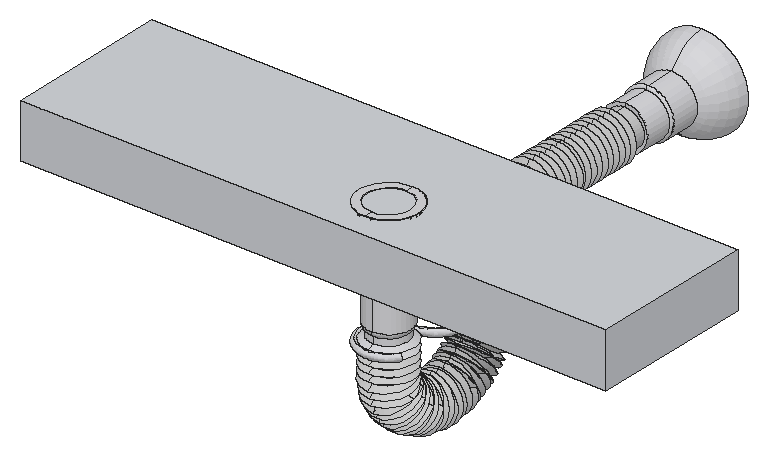
Revit family "BIM_01-2907-211", category Aparatos sanitarios, Revit 2023
Family settings
  Anfitrión = Cara
  Cota de conector redondo = Usar diámetro
  Tipo de pieza = Normal
  Número OmniClass = 23.31.11.00
  Activar corte en vistas = No
  Corte con vacíos al cargar = No
  Mantener orientación de anotación = No
  Compartido = No
  Punto de cálculo de habitación = No
Parameters (values of type "01-2907-11")
  largo Contraido = 315.0 mm
  Waste Water Outlet = ""
  Tubo de desagüe = "1 1/2\""
  Tubo macho pared = "1 1/4\""
  Torque de Conexioón = "20 Nm"
  Tipo de Uso = "Domestico"
  Temperaturas de trabajo = "de 19C° A 62C°"
  Sitio web = "https://www.gricol.com/products/sifon-expansible"
  Resistencia a Corrosión = "NTC 1156, Sal Neutral"
  Referente Normativo = "NTC 5302, ASME A112.18.2 / CSA B125.2"
  Plastico - ABS Cromado = Plastico ABS Cromado
  Materiales del producto = "Polipropileno, Caucho"
  Link Ficha Tecnica = "https://infotecnica.gricol.com/FT_01-2907-215S_01-2988-215P_01-2907-211_01-2989-211P.pdf"
  Goteo de Sello = "63 ml/min"
  Garantia Especifica = "20 Años"
  Diametro Externo = "1 1/2\""
  Consumo aproximado a 25 psi = 27
  Conexión de residuos = 1 = 0  # no
  Conexión de ventilación = 1 = 0  # no
  URL = "https://www.gricol.com/"
  Imagen de tipo = FOTO-SIFÓN EXPANSIBLE PLÁSTICO 1½ Ó 1¼ METALIZADO.jpg
  Product Name = "SIFÓN EXPANSIBLE PLÁSTICO 1½ Ó 1¼"  # constant formula
  Model = "01-2907-11\r\r"  # constant formula
  Fabricante = "Gricol"  # constant formula
  Largo expandido = 827.0 mm
  Conexión AC = 1 = 1  # yes
  Descripción = "Sifon"  # constant formula
  Default Elevation = 0.0 mm
  Date Modified = ""
  Date Created = "05/28/2020"  # constant formula
  Copyright = "All rights reserved © Gricol - 2020."  # constant formula
  Plastico polipropileno gris = Plastico - polipropileno gris
  CW Connection = 1 = 1  # yes
  Assembly Code = ""
  Conexiones = "Tubo para acople en tubería de 1¼'' ó 1½''"
  Ancho = 47.5 mm
Reference planes
  plane 1 "Center (Front/Back)": y = 0
  plane 2: z = 0
  plane 3 "Center (Left/Right)": x = 0
  plane 4: x = 39.75
  plane 5: z = -158.75
  plane 6: y = 23.75
  plane 7: y = -23.75
  plane 8: y = 273.435
  plane 9: x = 43.92
  plane 10: x = -3.548
Forms (mm)
  Extrusion 1, solid
    sketch origin (0, 0, 0) x (1, 0, 0) y (0, 1, 0)
      loop
        line (-206.57, 77.221) -> (-206.57, -37.685) -> (202.65, -37.685) -> (202.65, 77.221) -> (-206.57, 77.221)
    from 0 to -38.036
Dimensions and locks
  plane 3 "Center (Left/Right)" to plane 4 = 39.75 mm
  plane 5 to level = 158.75 mm
  plane 6 to plane 7 = 47.5 mm
  plane 7 to plane 8 = 297.185 mm
  plane 10 to plane 9 = 47.468 mm
  aligned and locked: plane 2 to Extrusion 1
  aligned and locked: level to Extrusion 1
Nested families
  nested 1: "SIFÓN EXPANSIBLE PLÁSTICO 1½ Ó 1¼ METALIZADO" at (20.512, -6.772, 0), type "SIFÓN EXPANSIBLE PLÁSTICO 1½ Ó 1¼ METALIZADO"
Definition of nested family "SIFÓN EXPANSIBLE PLÁSTICO 1½ Ó 1¼ METALIZADO"
  Parameters (values of type "SIFÓN EXPANSIBLE PLÁSTICO 1½ Ó 1¼ METALIZADO")
    Weight Net (Kg) = "6.60Kg"
    Default Elevation = 0.0 mm
    Waste Connection = no
    Vent Connection = no
    Type Comments = ""
    Tuerca Empaque-sujecion = none
    Cacucho = none
    Nominal width = "370"
    Nominal height = "130"
    Model = ""
    Manufacturer = ""
    Keynote = ""
    HW Connection = no
    Extencion = none
    Cost = 0
    CW Connection = no
  Reference planes
    plane 1: z = 0
    plane 2 "Center (Left/Right)": x = 0
    plane 3 "10": z = -121.5
    plane 4: x = 30.601
    plane 5 "11": x = -30.601
    plane 6 "14": x = 30.69
    plane 7 "15": x = 23.407
    plane 8 "16": x = -23.592
    plane 9 "20": y = -24.375
    plane 10 "21": y = 280.485
    plane 11: y = 6.772
    plane 12: y = 30.522
    plane 13: y = -16.978
    plane 14 "28": z = -23.6
  Forms (mm)
    Revolve 1, solid
      sketch origin (0, 200.504, 1.457) x (0, 0, 1) y (0, -1, 0)
        loop
          line (-76.257, 178.4) -> (-44.079, 178.4)
          arc (-44.079, 178.4) -> (-43.055, 175.926) -> (-40.581, 174.901) r 3.499
          line (-40.581, 174.901) -> (-28.198, 174.901) -> (-28.198, 169.901) -> (-11.289, 169.901) -> (-11.289, 171.895) -> (-10.158, 173.026) -> (-9.027, 171.895) -> (-7.897, 173.026) -> (-6.766, 171.895) -> (-5.635, 173.026) -> (-4.504, 171.895) -> (-3.373, 173.026) -> (-2.242, 171.895) -> (-1.457, 172.681) -> (-1.457, 193.61) -> (-79.792, 193.61) -> (-79.792, 180.311)
          arc (-79.792, 180.311) -> (-78.266, 178.908) -> (-76.257, 178.4) r 4.224
        axis (-1.457, 193.61) -> (-79.792, 193.61)
      angle from 0 to 360
    Revolve 2, solid
      sketch origin (0, 280.207, -44.556) x (0, 0, 1) y (0, -1, 0)
        loop
          arc (32.5, 0) -> (28.183, 14.828) -> (17.5, 25.981) r 32.446
          line (17.5, 25.981) -> (17.5, 46.423)
          arc (17.5, 46.423) -> (16.977, 47.686) -> (15.714, 48.209) r 1.786
          line (15.714, 48.209) -> (15.714, 67.123) -> (0, 67.123) -> (0, 0) -> (32.5, 0)
        axis (0, 0) -> (0, 67.123)
      angle from 0 to 360
    Extrusion 3, solid
      sketch origin (0.51, 3.297, -50.202) x (1, 0, 0.000021) y (0, 1, 0)
        loop
          circle (-0.747, 3.139) r 23.75
      from 23.688 to 40.37
    Revolve 4, solid
      sketch origin (169.077, 181.323, -32.959) x (0, 0, 1) y (-0.881442, -0.472291, 0)
        loop
          circle (-54.884, 173.292) r 2.199
        axis (-52.684, 192.2) -> (-57.083, 192.2)
      angle from 0 to 242.659
    Revolve 5, solid
      sketch origin (0, -29.389, -35) x (0, 1, 0) y (0, 0, 1)
        loop
          line (242.473, -9.644) -> (242.473, 3.526) -> (232.718, 3.526) -> (230.279, 7.75) -> (227.779, 3.42) -> (227.779, -9.644) -> (242.473, -9.644)
        axis (242.473, -9.644) -> (227.779, -9.644)
      angle from 0 to 360
    Revolve 6, solid
      sketch origin (0, -44.084, -35) x (0, 1, 0) y (0, 0, 1)
        loop
          line (242.473, -9.644) -> (242.473, 3.526) -> (240.035, 7.75) -> (237.596, 3.526) -> (235.157, 7.75) -> (232.718, 3.526) -> (230.279, 7.75) -> (227.779, 3.42) -> (227.779, -9.644) -> (242.473, -9.644)
        axis (242.473, -9.644) -> (227.779, -9.644)
      angle from 0 to 360
    Revolve 7, solid
      sketch origin (0, -58.778, -35) x (0, 1, 0) y (0, 0, 1)
        loop
          line (242.473, -9.644) -> (242.473, 3.526) -> (240.035, 7.75) -> (237.596, 3.526) -> (235.157, 7.75) -> (232.718, 3.526) -> (230.279, 7.75) -> (227.779, 3.42) -> (227.779, -9.644) -> (242.473, -9.644)
        axis (242.473, -9.644) -> (227.779, -9.644)
      angle from 0 to 360
    Revolve 8, solid
      sketch origin (0, -73.473, -35) x (0, 1, 0) y (0, 0, 1)
        loop
          line (242.473, -9.644) -> (242.473, 3.526) -> (240.035, 7.75) -> (237.596, 3.526) -> (235.157, 7.75) -> (232.718, 3.526) -> (230.279, 7.75) -> (227.779, 3.42) -> (227.779, -9.644) -> (242.473, -9.644)
        axis (242.473, -9.644) -> (227.779, -9.644)
      angle from 0 to 360
    Revolve 9, solid
      sketch origin (0, -88.167, -35) x (0, 1, 0) y (0, 0, 1)
        loop
          line (244.973, -9.644) -> (244.973, 3.526) -> (242.535, 7.75) -> (240.096, 3.526) -> (237.657, 7.75) -> (235.218, 3.526) -> (232.779, 7.75) -> (230.279, 3.42) -> (230.279, -9.644) -> (244.973, -9.644)
        axis (244.973, -9.644) -> (230.279, -9.644)
      angle from 0 to 360
    Revolve 10, solid
      sketch origin (0, -102.862, -35) x (0, 1, 0) y (0, 0, 1)
        loop
          line (244.973, -9.644) -> (244.973, 3.526) -> (242.535, 7.75) -> (240.096, 3.526) -> (237.657, 7.75) -> (235.218, 3.526) -> (232.779, 7.75) -> (230.279, 3.42) -> (230.279, -9.644) -> (244.973, -9.644)
        axis (244.973, -9.644) -> (230.279, -9.644)
      angle from 0 to 360
    Revolve 11, solid
      sketch origin (0, -114.706, -69.721) x (0, 0.990268, 0.139173) y (0, -0.139173, 0.990268)
        loop
          line (244.949, -9.992) -> (244.949, 3.178) -> (242.51, 7.402) -> (240.071, 3.178) -> (237.632, 7.402) -> (235.193, 3.178) -> (232.755, 7.402) -> (230.255, 3.072) -> (230.255, -9.992) -> (244.949, -9.992)
        axis (244.949, -9.992) -> (230.255, -9.992)
      angle from 0 to 360
    Revolve 12, solid
      sketch origin (0, -107.885, -141.206) x (0, 0.906308, 0.422618) y (0, -0.422618, 0.906308)
        loop
          line (244.739, -10.701) -> (244.739, 2.469) -> (242.3, 6.693) -> (239.861, 2.469) -> (237.422, 6.693) -> (234.984, 2.469) -> (232.545, 6.693) -> (230.045, 2.363) -> (230.045, -10.701) -> (244.739, -10.701)
        axis (244.739, -10.701) -> (230.045, -10.701)
      angle from 0 to 360
    Revolve 13, solid
      sketch origin (0, -83.621, -203.485) x (0, 0.75471, 0.656059) y (0, -0.656059, 0.75471)
        loop
          line (244.36, -11.284) -> (244.36, 1.886) -> (241.921, 6.11) -> (239.482, 1.886) -> (237.044, 6.11) -> (234.605, 1.886) -> (232.166, 6.11) -> (229.666, 1.78) -> (229.666, -11.284) -> (244.36, -11.284)
        axis (244.36, -11.284) -> (229.666, -11.284)
      angle from 0 to 360
    Revolve 14, solid
      sketch origin (0, -46.672, -254.36) x (0, 0.559193, 0.829038) y (0, -0.829038, 0.559193)
        loop
          line (243.871, -11.717) -> (243.871, 1.453) -> (241.433, 5.677) -> (238.994, 1.453) -> (236.555, 5.677) -> (234.116, 1.453) -> (231.677, 5.677) -> (229.177, 1.347) -> (229.177, -11.717) -> (243.871, -11.717)
        axis (243.871, -11.717) -> (229.177, -11.717)
      angle from 0 to 360
    Revolve 15, solid
      sketch origin (0, 34.958, -302.272) x (0, 0.190809, 0.981627) y (0, -0.981627, 0.190809)
        loop
          line (242.95, -12.098) -> (242.95, 1.072) -> (240.512, 5.296) -> (238.073, 1.072) -> (235.634, 5.296) -> (233.195, 1.072) -> (230.756, 5.296) -> (228.256, 0.966) -> (228.256, -12.098) -> (242.95, -12.098)
        axis (242.95, -12.098) -> (228.256, -12.098)
      angle from 0 to 360
    Revolve 16, solid
      sketch origin (0, 78.589, -320.499) x (0, 0, 1) y (0, -1, 0)
        loop
          line (242.473, -12.144) -> (242.473, 1.026) -> (240.035, 5.25) -> (237.596, 1.026) -> (235.157, 5.25) -> (232.718, 1.026) -> (230.279, 5.25) -> (227.779, 0.92) -> (227.779, -12.144) -> (242.473, -12.144)
        axis (242.473, -12.144) -> (227.779, -12.144)
      angle from 0 to 360
    Revolve 17, solid
      sketch origin (0, 77.964, -335.499) x (0, 0, 1) y (0, -1, 0)
        loop
          line (242.473, -12.144) -> (242.473, 1.026) -> (240.035, 5.25) -> (237.596, 1.026) -> (235.157, 5.25) -> (232.718, 1.026) -> (230.279, 5.25) -> (227.779, 0.92) -> (227.779, -12.144) -> (242.473, -12.144)
        axis (242.473, -12.144) -> (227.779, -12.144)
      angle from 0 to 360
    Revolve 18, solid
      sketch origin (0, 280.347, -150.915) x (0, -1, 0) y (0, 0, -1)
        loop
          line (232.718, -9.644) -> (232.718, 3.526) -> (230.279, 7.75) -> (227.779, 3.42) -> (227.779, -9.644) -> (232.718, -9.644)
        axis (232.718, -9.644) -> (227.779, -9.644)
      angle from 0 to 360
    Revolve 19, solid
      sketch origin (0, 292.191, -116.194) x (0, -0.990268, -0.139173) y (0, 0.139173, -0.990268)
        loop
          line (242.473, -9.644) -> (242.473, 3.526) -> (240.035, 7.75) -> (237.596, 3.526) -> (235.157, 7.75) -> (232.718, 3.526) -> (230.279, 7.75) -> (227.779, 3.42) -> (227.779, -9.644) -> (242.473, -9.644)
        axis (242.473, -9.644) -> (227.779, -9.644)
      angle from 0 to 360
    Revolve 20, solid
      sketch origin (0, 285.37, -44.709) x (0, -0.906308, -0.422618) y (0, 0.422618, -0.906308)
        loop
          line (242.473, -9.644) -> (242.473, 3.526) -> (240.035, 7.75) -> (237.596, 3.526) -> (235.157, 7.75) -> (232.718, 3.526) -> (230.279, 7.75) -> (227.779, 3.42) -> (227.779, -9.644) -> (242.473, -9.644)
        axis (242.473, -9.644) -> (227.779, -9.644)
      angle from 0 to 360
    Revolve 21, solid
      sketch origin (0, 261.107, 17.57) x (0, -0.75471, -0.656059) y (0, 0.656059, -0.75471)
        loop
          line (242.473, -9.644) -> (242.473, 3.526) -> (240.035, 7.75) -> (237.596, 3.526) -> (235.157, 7.75) -> (232.718, 3.526) -> (230.279, 7.75) -> (227.779, 3.42) -> (227.779, -9.644) -> (242.473, -9.644)
        axis (242.473, -9.644) -> (227.779, -9.644)
      angle from 0 to 360
    Revolve 22, solid
      sketch origin (0, 224.157, 68.445) x (0, -0.559193, -0.829038) y (0, 0.829038, -0.559193)
        loop
          line (242.473, -9.644) -> (242.473, 3.526) -> (240.035, 7.75) -> (237.596, 3.526) -> (235.157, 7.75) -> (232.718, 3.526) -> (230.279, 7.75) -> (227.779, 3.42) -> (227.779, -9.644) -> (242.473, -9.644)
        axis (242.473, -9.644) -> (227.779, -9.644)
      angle from 0 to 360
    Revolve 23, solid
      sketch origin (0, 142.527, 116.357) x (0, -0.190809, -0.981627) y (0, 0.981627, -0.190809)
        loop
          line (242.473, -9.644) -> (242.473, 3.526) -> (240.035, 7.75) -> (237.596, 3.526) -> (235.157, 7.75) -> (232.718, 3.526) -> (230.279, 7.75) -> (227.779, 3.42) -> (227.779, -9.644) -> (242.473, -9.644)
        axis (242.473, -9.644) -> (227.779, -9.644)
      angle from 0 to 360
    Revolve 24, solid, not visible
      sketch origin (0, 243.313, -49.97) x (0, -1, 0) y (0, 0, -1)
        loop
          line (232.718, -9.644) -> (232.718, 3.526) -> (230.279, 7.75) -> (227.779, 3.42) -> (227.779, -9.644) -> (232.718, -9.644)
        axis (232.718, -9.644) -> (227.779, -9.644)
      angle from 0 to 360
    Revolve 25, solid, not visible
      sketch origin (0, 255.157, -15.249) x (0, -0.990268, -0.139173) y (0, 0.139173, -0.990268)
        loop
          line (242.473, -9.644) -> (242.473, 3.526) -> (240.035, 7.75) -> (237.596, 3.526) -> (235.157, 7.75) -> (232.718, 3.526) -> (230.279, 7.75) -> (227.779, 3.42) -> (227.779, -9.644) -> (242.473, -9.644)
        axis (242.473, -9.644) -> (227.779, -9.644)
      angle from 0 to 360
    Revolve 26, solid, not visible
      sketch origin (0, 248.336, 56.236) x (0, -0.906308, -0.422618) y (0, 0.422618, -0.906308)
        loop
          line (242.473, -9.644) -> (242.473, 3.526) -> (240.035, 7.75) -> (237.596, 3.526) -> (235.157, 7.75) -> (232.718, 3.526) -> (230.279, 7.75) -> (227.779, 3.42) -> (227.779, -9.644) -> (242.473, -9.644)
        axis (242.473, -9.644) -> (227.779, -9.644)
      angle from 0 to 360
    Revolve 27, solid, not visible
      sketch origin (0, 224.072, 118.515) x (0, -0.75471, -0.656059) y (0, 0.656059, -0.75471)
        loop
          line (242.473, -9.644) -> (242.473, 3.526) -> (240.035, 7.75) -> (237.596, 3.526) -> (235.157, 7.75) -> (232.718, 3.526) -> (230.279, 7.75) -> (227.779, 3.42) -> (227.779, -9.644) -> (242.473, -9.644)
        axis (242.473, -9.644) -> (227.779, -9.644)
      angle from 0 to 360
    Revolve 28, solid, not visible
      sketch origin (0, 187.123, 169.39) x (0, -0.559193, -0.829038) y (0, 0.829038, -0.559193)
        loop
          line (242.473, -9.644) -> (242.473, 3.526) -> (240.035, 7.75) -> (237.596, 3.526) -> (235.157, 7.75) -> (232.718, 3.526) -> (230.279, 7.75) -> (227.779, 3.42) -> (227.779, -9.644) -> (242.473, -9.644)
        axis (242.473, -9.644) -> (227.779, -9.644)
      angle from 0 to 360
    Revolve 29, solid, not visible
      sketch origin (0, 105.493, 217.302) x (0, -0.190809, -0.981627) y (0, 0.981627, -0.190809)
        loop
          line (242.473, -9.644) -> (242.473, 3.526) -> (240.035, 7.75) -> (237.596, 3.526) -> (235.157, 7.75) -> (232.718, 3.526) -> (230.279, 7.75) -> (227.779, 3.42) -> (227.779, -9.644) -> (242.473, -9.644)
        axis (242.473, -9.644) -> (227.779, -9.644)
      angle from 0 to 360
    Revolve 30, solid
      sketch origin (0, 280.347, -150.915) x (0, -1, 0) y (0, 0, -1)
        loop
          line (232.718, -9.644) -> (237.657, -9.644) -> (237.657, 3.42) -> (235.157, 7.75) -> (232.718, 3.526) -> (232.718, -9.644)
        axis (232.718, -9.644) -> (237.657, -9.644)
      angle from 0 to 360
    Revolve 31, solid
      sketch origin (0, 292.191, -116.194) x (0, -0.990268, -0.139173) y (0, 0.139173, -0.990268)
        loop
          line (248.625, -10.509) -> (262.75, -14.559) -> (266.351, -2.001) -> (265.142, 2.85) -> (261.633, -0.538) -> (260.453, 4.195) -> (256.944, 0.806) -> (255.764, 5.539) -> (252.255, 2.151) -> (248.625, -10.509)
        axis (248.625, -10.509) -> (262.75, -14.559)
      angle from 0 to 360
    Revolve 32, solid
      sketch origin (0, 285.37, -44.709) x (0, -0.906308, -0.422618) y (0, 0.422618, -0.906308)
        loop
          line (267.687, -21.401) -> (277.132, -32.658) -> (287.14, -24.261) -> (288.85, -19.562) -> (284.046, -20.409) -> (285.714, -15.825) -> (280.911, -16.672) -> (282.579, -12.089) -> (277.775, -12.936) -> (267.687, -21.401)
        axis (267.687, -21.401) -> (277.132, -32.658)
      angle from 0 to 360
    Revolve 33, solid
      sketch origin (0, 261.107, 17.57) x (0, -0.75471, -0.656059) y (0, 0.656059, -0.75471)
        loop
          line (278.931, -41.336) -> (280.976, -55.888) -> (293.913, -54.069) -> (297.853, -50.991) -> (293.33, -49.164) -> (297.174, -46.161) -> (292.651, -44.334) -> (296.495, -41.33) -> (291.973, -39.503) -> (278.931, -41.336)
        axis (278.931, -41.336) -> (280.976, -55.888)
      angle from 0 to 360
    Revolve 34, solid
      sketch origin (0, 224.157, 68.445) x (0, -0.559193, -0.829038) y (0, 0.829038, -0.559193)
        loop
          line (279.317, -64.267) -> (273.812, -77.891) -> (285.925, -82.785) -> (290.876, -82.089) -> (287.873, -78.245) -> (292.703, -77.566) -> (289.7, -73.723) -> (294.531, -73.044) -> (291.528, -69.2) -> (279.317, -64.267)
        axis (279.317, -64.267) -> (273.812, -77.891)
      angle from 0 to 360
    Revolve 35, solid
      sketch origin (0, 142.527, 116.357) x (0, -0.190809, -0.981627) y (0, 0.981627, -0.190809)
        loop
          line (257.419, -86.535) -> (243.795, -92.039) -> (248.689, -104.152) -> (252.629, -107.23) -> (253.308, -102.4) -> (257.151, -105.403) -> (257.83, -100.573) -> (261.674, -103.576) -> (262.353, -98.745) -> (257.419, -86.535)
        axis (257.419, -86.535) -> (243.795, -92.039)
      angle from 0 to 360
    Revolve 36, solid
      sketch origin (169.234, -41.786, -32.871) x (0, 0, 1) y (0.881442, -0.472291, 0)
        loop
          circle (-54.884, -169.542) r 2.199
        axis (-52.684, -192.2) -> (-57.083, -192.2)
      angle from -118.267 to 60.946
    Revolve 37, solid
      sketch origin (162.236, -94.806, -32.887) x (0, 0, 1) y (0.84635, -0.532627, 0)
        loop
          circle (-54.884, -173.292) r 2.199
        axis (-52.684, -192.2) -> (-57.083, -192.2)
      angle from 0 to 239.224
    Revolve 38, solid
      sketch origin (0, -5.372, -335.499) x (0, 0, 1) y (0, -1, 0)
        loop
          line (242.473, -12.144) -> (242.473, 1.026) -> (240.035, 5.25) -> (237.596, 1.026) -> (235.157, 5.25) -> (232.718, 1.026) -> (230.279, 5.25) -> (227.779, 0.92) -> (227.779, -12.144) -> (242.473, -12.144)
        axis (242.473, -12.144) -> (227.779, -12.144)
      angle from 0 to 360
    Revolve 39, solid
      sketch origin (0, -5.372, -320.635) x (0, 0, 1) y (0, -1, 0)
        loop
          line (242.473, -12.144) -> (242.473, 1.026) -> (237.596, 1.026) -> (235.157, 5.25) -> (232.718, 1.026) -> (230.279, 5.25) -> (227.779, 0.92) -> (227.779, -12.144) -> (242.473, -12.144)
        axis (242.473, -12.144) -> (227.779, -12.144)
      angle from 0 to 360
    Extrusion 40, void
      sketch origin (0, 6.894, 0) x (-1, 0, 0) y (0, 1, 0)
        loop
          circle (0, 0) r 15.207
      from 0 to 39.726
    Extrusion 41, void
      sketch origin (0, 280.207, -44.556) x (1, 0, 0) y (0, 0, 1)
        loop
          circle (0, 0) r 15.875
      from 0 to 41.46
  Cuts and joins
    Extrusion 40 cuts Revolve 1
    Extrusion 40 cuts Extrusion 3
    Extrusion 40 cuts Revolve 32
    Extrusion 40 cuts Revolve 33
    Extrusion 40 cuts Revolve 35
    Extrusion 40 cuts Revolve 38
    Extrusion 40 cuts Revolve 39
    Extrusion 41 cuts Revolve 2
    Extrusion 41 cuts Revolve 5
    Extrusion 41 cuts Revolve 6
    Extrusion 41 cuts Revolve 7
    Extrusion 41 cuts Revolve 8
    Extrusion 41 cuts Revolve 9
    Extrusion 41 cuts Revolve 10
    Extrusion 41 cuts Revolve 12
    Extrusion 41 cuts Revolve 13
    Extrusion 41 cuts Revolve 14
  Dimensions and locks
    equal spacing: plane 5 "11", plane 2 "Center (Left/Right)", plane 4
    plane 5 "11" to plane 4 = 61.201 mm
    level to plane 3 "10" = 121.5 mm  (x2)
    plane 7 "15" to plane 8 "16" = 46.999 mm
    plane 10 "21" to plane 9 "20" = 304.86 mm
    level to plane 14 "28" = 23.6 mm
    aligned and locked: level to plane 1
  Automatic sketch dimensions
    Revolve 19 sketch curve to Revolve 19 sketch curve = 2.5 mm
    Revolve 19 sketch curve to Revolve 19 sketch curve = 2.439 mm  (x3)
    Revolve 19 sketch curve to Revolve 19 sketch curve = 4.878 mm  (x2)
    Revolve 19 sketch curve to Revolve 19 sketch curve = 13.064 mm
    Revolve 19 sketch curve to Revolve 19 sketch curve = 13.17 mm
    Revolve 19 sketch curve to Revolve 19 sketch curve = 0.0 mm  (x4)
    Revolve 19 sketch curve to Revolve 19 sketch curve = 4.224 mm  (x3)
    Revolve 19 sketch curve to Revolve 19 sketch curve = 0.305 mm
    Revolve 20 sketch curve to Revolve 20 sketch curve = 2.5 mm
    Revolve 20 sketch curve to Revolve 20 sketch curve = 2.439 mm  (x2)
    Revolve 20 sketch curve to Revolve 20 sketch curve = 4.878 mm  (x3)
    Revolve 20 sketch curve to Revolve 20 sketch curve = 13.064 mm
    Revolve 20 sketch curve to Revolve 20 sketch curve = 13.17 mm
    Revolve 20 sketch curve to Revolve 20 sketch curve = 0.0 mm  (x4)
    Revolve 20 sketch curve to Revolve 20 sketch curve = 4.224 mm  (x3)
    Revolve 20 sketch curve to Revolve 20 sketch curve = 0.305 mm
    Revolve 21 sketch curve to Revolve 21 sketch curve = 2.5 mm
    Revolve 21 sketch curve to Revolve 21 sketch curve = 2.439 mm  (x2)
    Revolve 21 sketch curve to Revolve 21 sketch curve = 4.878 mm  (x3)
    Revolve 21 sketch curve to Revolve 21 sketch curve = 13.064 mm
    Revolve 21 sketch curve to Revolve 21 sketch curve = 13.17 mm
    Revolve 21 sketch curve to Revolve 21 sketch curve = 0.0 mm  (x4)
    Revolve 21 sketch curve to Revolve 21 sketch curve = 4.224 mm  (x3)
    Revolve 21 sketch curve to Revolve 21 sketch curve = 0.305 mm
    Revolve 22 sketch curve to Revolve 22 sketch curve = 2.5 mm
    Revolve 22 sketch curve to Revolve 22 sketch curve = 2.439 mm  (x2)
    Revolve 22 sketch curve to Revolve 22 sketch curve = 4.878 mm  (x3)
    Revolve 22 sketch curve to Revolve 22 sketch curve = 13.064 mm
    Revolve 22 sketch curve to Revolve 22 sketch curve = 13.17 mm
    Revolve 22 sketch curve to Revolve 22 sketch curve = 0.0 mm  (x4)
    Revolve 22 sketch curve to Revolve 22 sketch curve = 4.224 mm  (x3)
    Revolve 22 sketch curve to Revolve 22 sketch curve = 0.305 mm
    Revolve 23 sketch curve to Revolve 23 sketch curve = 2.5 mm
    Revolve 23 sketch curve to Revolve 23 sketch curve = 2.439 mm  (x2)
    Revolve 23 sketch curve to Revolve 23 sketch curve = 4.878 mm  (x3)
    Revolve 23 sketch curve to Revolve 23 sketch curve = 13.064 mm
    Revolve 23 sketch curve to Revolve 23 sketch curve = 13.17 mm
    Revolve 23 sketch curve to Revolve 23 sketch curve = 0.0 mm  (x4)
    Revolve 23 sketch curve to Revolve 23 sketch curve = 4.224 mm  (x3)
    Revolve 23 sketch curve to Revolve 23 sketch curve = 0.305 mm
    Revolve 18 sketch curve to Revolve 18 sketch curve = 2.5 mm
    Revolve 18 sketch curve to Revolve 18 sketch curve = 2.439 mm
    Revolve 18 sketch curve to Revolve 18 sketch curve = 13.064 mm
    Revolve 18 sketch curve to Revolve 18 sketch curve = 0.305 mm
    Revolve 18 sketch curve to Revolve 18 sketch curve = 9.756 mm
    Revolve 18 sketch curve to Revolve 18 sketch curve = 0.0 mm
    Revolve 18 sketch curve to Revolve 18 sketch curve = 0.106 mm
    Revolve 18 sketch curve to Revolve 18 sketch curve = 4.224 mm
    Revolve 25 sketch curve to Revolve 25 sketch curve = 2.5 mm
    Revolve 25 sketch curve to Revolve 25 sketch curve = 2.439 mm  (x3)
    Revolve 25 sketch curve to Revolve 25 sketch curve = 4.878 mm  (x2)
    Revolve 25 sketch curve to Revolve 25 sketch curve = 13.064 mm
    Revolve 25 sketch curve to Revolve 25 sketch curve = 13.17 mm
    Revolve 25 sketch curve to Revolve 25 sketch curve = 0.0 mm  (x4)
    Revolve 25 sketch curve to Revolve 25 sketch curve = 4.224 mm  (x3)
    Revolve 25 sketch curve to Revolve 25 sketch curve = 0.305 mm
    Revolve 26 sketch curve to Revolve 26 sketch curve = 2.5 mm
    Revolve 26 sketch curve to Revolve 26 sketch curve = 2.439 mm  (x2)
    Revolve 26 sketch curve to Revolve 26 sketch curve = 4.878 mm  (x3)
    Revolve 26 sketch curve to Revolve 26 sketch curve = 13.064 mm
    Revolve 26 sketch curve to Revolve 26 sketch curve = 13.17 mm
    Revolve 26 sketch curve to Revolve 26 sketch curve = 0.0 mm  (x4)
    Revolve 26 sketch curve to Revolve 26 sketch curve = 4.224 mm  (x3)
    Revolve 26 sketch curve to Revolve 26 sketch curve = 0.305 mm
    Revolve 27 sketch curve to Revolve 27 sketch curve = 2.5 mm
    Revolve 27 sketch curve to Revolve 27 sketch curve = 2.439 mm  (x2)
    Revolve 27 sketch curve to Revolve 27 sketch curve = 4.878 mm  (x3)
    Revolve 27 sketch curve to Revolve 27 sketch curve = 13.064 mm
    Revolve 27 sketch curve to Revolve 27 sketch curve = 13.17 mm
    Revolve 27 sketch curve to Revolve 27 sketch curve = 0.0 mm  (x4)
    Revolve 27 sketch curve to Revolve 27 sketch curve = 4.224 mm  (x3)
    Revolve 27 sketch curve to Revolve 27 sketch curve = 0.305 mm
    Revolve 28 sketch curve to Revolve 28 sketch curve = 2.5 mm
    Revolve 28 sketch curve to Revolve 28 sketch curve = 2.439 mm  (x2)
    Revolve 28 sketch curve to Revolve 28 sketch curve = 4.878 mm  (x3)
    Revolve 28 sketch curve to Revolve 28 sketch curve = 13.064 mm
    Revolve 28 sketch curve to Revolve 28 sketch curve = 13.17 mm
    Revolve 28 sketch curve to Revolve 28 sketch curve = 0.0 mm  (x4)
    Revolve 28 sketch curve to Revolve 28 sketch curve = 4.224 mm  (x3)
    Revolve 28 sketch curve to Revolve 28 sketch curve = 0.305 mm
    Revolve 29 sketch curve to Revolve 29 sketch curve = 2.5 mm
    Revolve 29 sketch curve to Revolve 29 sketch curve = 2.439 mm  (x2)
    Revolve 29 sketch curve to Revolve 29 sketch curve = 4.878 mm  (x3)
    Revolve 29 sketch curve to Revolve 29 sketch curve = 13.064 mm
    Revolve 29 sketch curve to Revolve 29 sketch curve = 13.17 mm
    Revolve 29 sketch curve to Revolve 29 sketch curve = 0.0 mm  (x4)
    Revolve 29 sketch curve to Revolve 29 sketch curve = 4.224 mm  (x3)
    Revolve 29 sketch curve to Revolve 29 sketch curve = 0.305 mm
    Revolve 24 sketch curve to Revolve 24 sketch curve = 2.5 mm
    Revolve 24 sketch curve to Revolve 24 sketch curve = 2.439 mm
    Revolve 24 sketch curve to Revolve 24 sketch curve = 13.064 mm
    Revolve 24 sketch curve to Revolve 24 sketch curve = 0.305 mm
    Revolve 24 sketch curve to Revolve 24 sketch curve = 9.756 mm
    Revolve 24 sketch curve to Revolve 24 sketch curve = 0.0 mm
    Revolve 24 sketch curve to Revolve 24 sketch curve = 0.106 mm
    Revolve 24 sketch curve to Revolve 24 sketch curve = 4.224 mm
    Revolve 31 sketch curve to Revolve 31 sketch curve = 1.21 mm
    Revolve 31 sketch curve to Revolve 31 sketch curve = 3.509 mm  (x3)
    Revolve 31 sketch curve to Revolve 31 sketch curve = 4.689 mm  (x2)
    Revolve 31 sketch curve to Revolve 31 sketch curve = 12.558 mm
    Revolve 31 sketch curve to Revolve 31 sketch curve = 12.66 mm
    Revolve 31 sketch curve to Revolve 31 sketch curve = 1.345 mm  (x2)
    Revolve 31 sketch curve to Revolve 31 sketch curve = 3.388 mm  (x3)
    Revolve 31 sketch curve to Revolve 31 sketch curve = 0.294 mm
    Revolve 31 sketch curve to Revolve 31 sketch curve = 0.0 mm  (x2)
    Revolve 31 sketch curve to Revolve 31 sketch curve = 0.084 mm
    Revolve 32 sketch curve to Revolve 32 sketch curve = 1.71 mm
    Revolve 32 sketch curve to Revolve 32 sketch curve = 4.804 mm  (x2)
    Revolve 32 sketch curve to Revolve 32 sketch curve = 3.135 mm  (x3)
    Revolve 32 sketch curve to Revolve 32 sketch curve = 8.397 mm
    Revolve 32 sketch curve to Revolve 32 sketch curve = 8.465 mm
    Revolve 32 sketch curve to Revolve 32 sketch curve = 3.737 mm  (x2)
    Revolve 32 sketch curve to Revolve 32 sketch curve = 0.847 mm  (x3)
    Revolve 32 sketch curve to Revolve 32 sketch curve = 0.196 mm
    Revolve 32 sketch curve to Revolve 32 sketch curve = 0.0 mm  (x2)
    Revolve 32 sketch curve to Revolve 32 sketch curve = 0.234 mm
    Revolve 33 sketch curve to Revolve 33 sketch curve = 3.94 mm
    Revolve 33 sketch curve to Revolve 33 sketch curve = 4.523 mm  (x2)
    Revolve 33 sketch curve to Revolve 33 sketch curve = 0.679 mm  (x3)
    Revolve 33 sketch curve to Revolve 33 sketch curve = 1.818 mm
    Revolve 33 sketch curve to Revolve 33 sketch curve = 1.833 mm
    Revolve 33 sketch curve to Revolve 33 sketch curve = 4.83 mm  (x2)
    Revolve 33 sketch curve to Revolve 33 sketch curve = 1.827 mm  (x3)
    Revolve 33 sketch curve to Revolve 33 sketch curve = 0.043 mm
    Revolve 33 sketch curve to Revolve 33 sketch curve = 0.0 mm  (x2)
    Revolve 33 sketch curve to Revolve 33 sketch curve = 0.303 mm
    Revolve 34 sketch curve to Revolve 34 sketch curve = 4.951 mm
    Revolve 34 sketch curve to Revolve 34 sketch curve = 3.003 mm  (x2)
    Revolve 34 sketch curve to Revolve 34 sketch curve = 1.827 mm  (x3)
    Revolve 34 sketch curve to Revolve 34 sketch curve = 4.894 mm
    Revolve 34 sketch curve to Revolve 34 sketch curve = 4.933 mm
    Revolve 34 sketch curve to Revolve 34 sketch curve = 4.523 mm  (x2)
    Revolve 34 sketch curve to Revolve 34 sketch curve = 3.844 mm  (x3)
    Revolve 34 sketch curve to Revolve 34 sketch curve = 0.114 mm
    Revolve 34 sketch curve to Revolve 34 sketch curve = 0.0 mm  (x2)
    Revolve 34 sketch curve to Revolve 34 sketch curve = 0.283 mm
    Revolve 35 sketch curve to Revolve 35 sketch curve = 3.94 mm
    Revolve 35 sketch curve to Revolve 35 sketch curve = 0.679 mm  (x2)
    Revolve 35 sketch curve to Revolve 35 sketch curve = 4.523 mm  (x3)
    Revolve 35 sketch curve to Revolve 35 sketch curve = 12.113 mm
    Revolve 35 sketch curve to Revolve 35 sketch curve = 12.211 mm
    Revolve 35 sketch curve to Revolve 35 sketch curve = 1.827 mm  (x2)
    Revolve 35 sketch curve to Revolve 35 sketch curve = 4.83 mm  (x3)
    Revolve 35 sketch curve to Revolve 35 sketch curve = 0.283 mm
    Revolve 35 sketch curve to Revolve 35 sketch curve = 0.0 mm  (x2)
    Revolve 35 sketch curve to Revolve 35 sketch curve = 0.114 mm
    Revolve 30 sketch curve to Revolve 30 sketch curve = 2.5 mm
    Revolve 30 sketch curve to Revolve 30 sketch curve = 2.439 mm
    Revolve 30 sketch curve to Revolve 30 sketch curve = 13.064 mm
    Revolve 30 sketch curve to Revolve 30 sketch curve = 0.305 mm
    Revolve 30 sketch curve to Revolve 30 sketch curve = 9.756 mm
    Revolve 30 sketch curve to Revolve 30 sketch curve = 0.0 mm
    Revolve 30 sketch curve to Revolve 30 sketch curve = 0.106 mm
    Revolve 30 sketch curve to Revolve 30 sketch curve = 4.224 mm
    Revolve 4 sketch curve to Revolve 4 sketch curve = 9.798 mm
    Revolve 4 sketch curve to Revolve 4 sketch curve = 18.908 mm
    Revolve 6 sketch curve to level = 31.58 mm
    plane 10 "21" to Revolve 6 sketch curve = 96.79 mm
    Revolve 6 sketch curve to Revolve 6 sketch curve = 2.5 mm
    Revolve 6 sketch curve to level = 31.474 mm  (x3)
    Revolve 6 sketch curve to Revolve 6 sketch curve = 2.439 mm  (x4)
    Revolve 6 sketch curve to Revolve 6 sketch curve = 4.878 mm
    Revolve 6 sketch curve to level = 44.644 mm
    Revolve 6 sketch curve to Revolve 6 sketch curve = 0.305 mm
    Revolve 6 sketch curve to Revolve 6 sketch curve = 0.0 mm  (x2)
    Revolve 7 sketch curve to level = 31.58 mm
    plane 10 "21" to Revolve 7 sketch curve = 111.484 mm
    Revolve 7 sketch curve to Revolve 7 sketch curve = 2.5 mm
    Revolve 7 sketch curve to level = 31.474 mm  (x3)
    Revolve 7 sketch curve to Revolve 7 sketch curve = 2.439 mm  (x4)
    Revolve 7 sketch curve to Revolve 7 sketch curve = 4.878 mm
    Revolve 7 sketch curve to level = 44.644 mm
    Revolve 7 sketch curve to Revolve 7 sketch curve = 0.305 mm
    Revolve 7 sketch curve to Revolve 7 sketch curve = 0.0 mm  (x2)
    Revolve 8 sketch curve to level = 31.58 mm
    Revolve 8 sketch curve to Revolve 8 sketch curve = 2.5 mm
    Revolve 8 sketch curve to level = 31.474 mm  (x3)
    Revolve 8 sketch curve to Revolve 8 sketch curve = 2.439 mm  (x4)
    Revolve 8 sketch curve to Revolve 8 sketch curve = 4.878 mm
    Revolve 8 sketch curve to level = 44.644 mm
    Revolve 8 sketch curve to Revolve 8 sketch curve = 0.305 mm
    Revolve 8 sketch curve to Revolve 8 sketch curve = 0.0 mm  (x2)
    Revolve 9 sketch curve to level = 31.58 mm
    Revolve 9 sketch curve to Revolve 9 sketch curve = 2.5 mm
    Revolve 9 sketch curve to level = 31.474 mm  (x3)
    Revolve 9 sketch curve to Revolve 9 sketch curve = 2.439 mm
    Revolve 9 sketch curve to Revolve 9 sketch curve = 4.878 mm  (x4)
    Revolve 9 sketch curve to level = 44.644 mm
    Revolve 9 sketch curve to Revolve 9 sketch curve = 0.305 mm
    Revolve 9 sketch curve to Revolve 9 sketch curve = 0.0 mm  (x3)
    Revolve 10 sketch curve to level = 31.58 mm
    Revolve 10 sketch curve to Revolve 10 sketch curve = 2.5 mm
    Revolve 10 sketch curve to level = 31.474 mm  (x3)
    Revolve 10 sketch curve to Revolve 10 sketch curve = 2.439 mm
    Revolve 10 sketch curve to Revolve 10 sketch curve = 4.878 mm  (x4)
    Revolve 10 sketch curve to level = 44.644 mm
    Revolve 10 sketch curve to Revolve 10 sketch curve = 0.305 mm
    Revolve 10 sketch curve to Revolve 10 sketch curve = 0.0 mm  (x3)
    Revolve 11 sketch curve to level = 34.634 mm
    Revolve 11 sketch curve to Revolve 11 sketch curve = 2.5 mm
    Revolve 11 sketch curve to Revolve 11 sketch curve = 2.439 mm  (x3)
    Revolve 11 sketch curve to Revolve 11 sketch curve = 4.878 mm  (x2)
    Revolve 11 sketch curve to Revolve 11 sketch curve = 13.064 mm
    Revolve 11 sketch curve to Revolve 11 sketch curve = 13.17 mm
    Revolve 11 sketch curve to Revolve 11 sketch curve = 0.0 mm  (x4)
    Revolve 11 sketch curve to Revolve 11 sketch curve = 4.224 mm  (x3)
    Revolve 11 sketch curve to Revolve 11 sketch curve = 0.305 mm
    Revolve 12 sketch curve to level = 41.843 mm
    Revolve 12 sketch curve to Revolve 12 sketch curve = 2.5 mm
    Revolve 12 sketch curve to Revolve 12 sketch curve = 2.439 mm  (x2)
    Revolve 12 sketch curve to Revolve 12 sketch curve = 4.878 mm  (x3)
    Revolve 12 sketch curve to Revolve 12 sketch curve = 13.064 mm
    Revolve 12 sketch curve to Revolve 12 sketch curve = 13.17 mm
    Revolve 12 sketch curve to Revolve 12 sketch curve = 0.0 mm  (x4)
    Revolve 12 sketch curve to Revolve 12 sketch curve = 4.224 mm  (x3)
    Revolve 12 sketch curve to Revolve 12 sketch curve = 0.305 mm
    Revolve 13 sketch curve to Revolve 13 sketch curve = 2.5 mm
    Revolve 13 sketch curve to Revolve 13 sketch curve = 2.439 mm  (x2)
    Revolve 13 sketch curve to Revolve 13 sketch curve = 4.878 mm  (x3)
    Revolve 13 sketch curve to Revolve 13 sketch curve = 13.064 mm
    Revolve 13 sketch curve to Revolve 13 sketch curve = 13.17 mm
    Revolve 13 sketch curve to Revolve 13 sketch curve = 0.0 mm  (x4)
    Revolve 13 sketch curve to Revolve 13 sketch curve = 4.224 mm  (x3)
    Revolve 13 sketch curve to Revolve 13 sketch curve = 0.305 mm
    Revolve 14 sketch curve to Revolve 14 sketch curve = 2.5 mm
    Revolve 14 sketch curve to Revolve 14 sketch curve = 2.439 mm  (x2)
    Revolve 14 sketch curve to Revolve 14 sketch curve = 4.878 mm  (x3)
    Revolve 14 sketch curve to Revolve 14 sketch curve = 13.064 mm
    Revolve 14 sketch curve to Revolve 14 sketch curve = 13.17 mm
    Revolve 14 sketch curve to Revolve 14 sketch curve = 0.0 mm  (x4)
    Revolve 14 sketch curve to Revolve 14 sketch curve = 4.224 mm  (x3)
    Revolve 14 sketch curve to Revolve 14 sketch curve = 0.305 mm
    Revolve 15 sketch curve to Revolve 15 sketch curve = 2.5 mm
    Revolve 15 sketch curve to Revolve 15 sketch curve = 2.439 mm  (x2)
    Revolve 15 sketch curve to Revolve 15 sketch curve = 4.878 mm  (x3)
    Revolve 15 sketch curve to Revolve 15 sketch curve = 13.064 mm
    Revolve 15 sketch curve to Revolve 15 sketch curve = 13.17 mm
    Revolve 15 sketch curve to Revolve 15 sketch curve = 0.0 mm  (x4)
    Revolve 15 sketch curve to Revolve 15 sketch curve = 4.224 mm  (x3)
    Revolve 15 sketch curve to Revolve 15 sketch curve = 0.305 mm
    Revolve 16 sketch curve to Revolve 16 sketch curve = 2.5 mm
    Revolve 16 sketch curve to Revolve 16 sketch curve = 2.439 mm  (x3)
    Revolve 16 sketch curve to Revolve 16 sketch curve = 4.878 mm  (x2)
    Revolve 16 sketch curve to Revolve 16 sketch curve = 13.064 mm
    Revolve 16 sketch curve to Revolve 16 sketch curve = 13.17 mm
    Revolve 16 sketch curve to Revolve 16 sketch curve = 0.0 mm  (x4)
    Revolve 16 sketch curve to Revolve 16 sketch curve = 4.224 mm  (x3)
    Revolve 16 sketch curve to Revolve 16 sketch curve = 0.305 mm
    Revolve 17 sketch curve to Revolve 17 sketch curve = 2.5 mm
    Revolve 17 sketch curve to Revolve 17 sketch curve = 2.439 mm  (x3)
    Revolve 17 sketch curve to Revolve 17 sketch curve = 4.878 mm  (x2)
    Revolve 17 sketch curve to Revolve 17 sketch curve = 13.064 mm
    Revolve 17 sketch curve to Revolve 17 sketch curve = 13.17 mm
    Revolve 17 sketch curve to Revolve 17 sketch curve = 0.0 mm  (x4)
    Revolve 17 sketch curve to Revolve 17 sketch curve = 4.224 mm  (x3)
    Revolve 17 sketch curve to Revolve 17 sketch curve = 0.305 mm
    Revolve 36 sketch curve to Revolve 36 sketch curve = 9.798 mm
    Revolve 36 sketch curve to Revolve 36 sketch curve = 22.658 mm
    Revolve 37 sketch curve to Revolve 37 sketch curve = 9.798 mm
    Revolve 37 sketch curve to Revolve 37 sketch curve = 18.908 mm
    Revolve 38 sketch curve to Revolve 38 sketch curve = 2.5 mm
    Revolve 38 sketch curve to Revolve 38 sketch curve = 2.439 mm  (x3)
    Revolve 38 sketch curve to Revolve 38 sketch curve = 4.878 mm  (x2)
    Revolve 38 sketch curve to Revolve 38 sketch curve = 4.224 mm  (x3)
    Revolve 38 sketch curve to Revolve 38 sketch curve = 0.305 mm
    Revolve 38 sketch curve to Revolve 38 sketch curve = 0.0 mm  (x4)
    Revolve 38 sketch curve to plane 11 = 0.0 mm
    Revolve 38 sketch curve to Revolve 38 sketch curve = 4.33 mm
    plane 10 "21" to Revolve 8 sketch curve = 126.179 mm
    plane 11 to Revolve 9 sketch curve = 135.34 mm
    plane 11 to Revolve 10 sketch curve = 120.645 mm
    plane 11 to Revolve 11 sketch curve = 106.108 mm
    plane 11 to Revolve 12 sketch curve = 92.835 mm
    plane 11 to Revolve 13 sketch curve = 81.77 mm
    plane 11 to Revolve 14 sketch curve = 73.593 mm
    plane 11 to Revolve 15 sketch curve = 70.791 mm
    plane 11 to Revolve 16 sketch curve = 83.961 mm
    plane 11 to Revolve 17 sketch curve = 83.336 mm
    Revolve 38 sketch curve to plane 11 = 13.064 mm
    Extrusion 3 sketch curve to plane 11 = 0.336 mm
    plane 11 to Revolve 1 sketch curve = 0.121 mm  (x2)
    Revolve 1 sketch curve to Revolve 1 sketch curve = 3.535 mm
    Revolve 1 sketch curve to level = 42.623 mm
    Revolve 1 sketch curve to Revolve 1 sketch curve = 3.499 mm
    Revolve 1 sketch curve to plane 12 = 1.914 mm  (x5)
    Revolve 1 sketch curve to plane 12 = 3.045 mm  (x4)
    Revolve 1 sketch curve to Revolve 1 sketch curve = 1.131 mm
    Revolve 1 sketch curve to plane 12 = 2.7 mm
    plane 12 to Revolve 1 sketch curve = 0.08 mm
    Revolve 1 sketch curve to Revolve 1 sketch curve = 1.911 mm
    Revolve 1 sketch curve to Revolve 1 sketch curve = 15.03 mm
    Revolve 1 sketch curve to plane 12 = 4.92 mm
    plane 10 "21" to Revolve 2 sketch curve = 0.278 mm
    Revolve 2 sketch curve to level = 44.556 mm
    Revolve 2 sketch curve to Revolve 2 sketch curve = 0.084 mm
    Revolve 2 sketch curve to plane 10 "21" = 1.117 mm
    Revolve 2 sketch curve to Revolve 2 sketch curve = 20.442 mm
    Revolve 2 sketch curve to Revolve 2 sketch curve = 18.914 mm
    Revolve 2 sketch curve to Revolve 2 sketch curve = 0.0 mm  (x2)
    Revolve 2 sketch curve to Revolve 2 sketch curve = 2.439 mm
    Revolve 5 sketch curve to level = 44.644 mm
    plane 10 "21" to Revolve 5 sketch curve = 82.095 mm
    Revolve 5 sketch curve to Revolve 5 sketch curve = 2.5 mm
    Revolve 5 sketch curve to Revolve 5 sketch curve = 2.439 mm
    Revolve 5 sketch curve to level = 31.58 mm
    Revolve 5 sketch curve to Revolve 5 sketch curve = 0.305 mm
    Revolve 5 sketch curve to Revolve 5 sketch curve = 0.0 mm  (x2)
    Revolve 5 sketch curve to Revolve 5 sketch curve = 14.695 mm
    Revolve 5 sketch curve to level = 31.474 mm
    Revolve 39 sketch curve to plane 11 = 0.0 mm  (x2)
    plane 13 to Revolve 39 sketch curve = 6.356 mm  (x2)
    Revolve 39 sketch curve to Revolve 39 sketch curve = 2.5 mm
    plane 13 to Revolve 39 sketch curve = 10.58 mm
    Revolve 39 sketch curve to Revolve 39 sketch curve = 2.439 mm
    Revolve 39 sketch curve to Revolve 39 sketch curve = 4.878 mm  (x3)
    Revolve 39 sketch curve to Revolve 39 sketch curve = 0.106 mm
    Revolve 39 sketch curve to Revolve 39 sketch curve = 0.305 mm
    Revolve 39 sketch curve to Revolve 39 sketch curve = 0.0 mm
    Revolve 39 sketch curve to Revolve 39 sketch curve = 4.224 mm
    Revolve 30 sketch curve to plane 3 "10" = 32.941 mm
    plane 12 to Revolve 30 sketch curve = 17.107 mm
    plane 12 to Revolve 31 sketch curve = 14.001 mm
    Revolve 31 sketch curve to plane 3 "10" = 18.89 mm
    Revolve 31 sketch curve to Revolve 31 sketch curve = 3.63 mm
    plane 12 to Revolve 32 sketch curve = 3.197 mm
    Revolve 32 sketch curve to plane 3 "10" = 16.942 mm
    Revolve 32 sketch curve to Revolve 32 sketch curve = 9.445 mm
    Revolve 33 sketch curve to plane 12 = 7.046 mm
    Revolve 33 sketch curve to plane 3 "10" = 12.729 mm
    Revolve 33 sketch curve to Revolve 33 sketch curve = 2.045 mm
    Revolve 34 sketch curve to plane 11 = 0.303 mm
    plane 3 "10" to Revolve 34 sketch curve = 6.5 mm
    Revolve 34 sketch curve to Revolve 34 sketch curve = 5.505 mm
    Revolve 35 sketch curve to plane 11 = 1.112 mm
    Revolve 35 sketch curve to Revolve 35 sketch curve = 4.894 mm
    Revolve 18 sketch curve to plane 3 "10" = 32.835 mm
    plane 12 to Revolve 18 sketch curve = 22.046 mm
    Revolve 19 sketch curve to plane 3 "10" = 29.782 mm
    plane 12 to Revolve 19 sketch curve = 36.583 mm
    Revolve 20 sketch curve to plane 3 "10" = 22.572 mm
    plane 12 to Revolve 20 sketch curve = 49.856 mm
    Revolve 21 sketch curve to plane 3 "10" = 12.948 mm
    plane 12 to Revolve 21 sketch curve = 60.921 mm
    Revolve 22 sketch curve to plane 3 "10" = 0.805 mm
    plane 12 to Revolve 22 sketch curve = 69.098 mm
    plane 12 to Revolve 23 sketch curve = 71.9 mm
    Revolve 1 sketch curve to Revolve 1 sketch curve = 16.909 mm
    Revolve 1 sketch curve to Revolve 1 sketch curve = 6.635 mm
    Revolve 1 sketch curve to level = 26.741 mm
    Revolve 2 sketch curve to level = 28.841 mm
    Revolve 2 sketch curve to Revolve 2 sketch curve = 1.786 mm
    Revolve 2 sketch curve to level = 12.056 mm
    Revolve 5 sketch curve to Revolve 5 sketch curve = 4.224 mm
    Revolve 6 sketch curve to Revolve 6 sketch curve = 4.224 mm  (x3)
    Revolve 7 sketch curve to Revolve 7 sketch curve = 4.224 mm  (x3)
    Revolve 8 sketch curve to Revolve 8 sketch curve = 4.224 mm  (x3)
    Revolve 9 sketch curve to Revolve 9 sketch curve = 4.224 mm  (x2)
    Revolve 10 sketch curve to Revolve 10 sketch curve = 4.224 mm  (x2)
    Revolve 1 sketch curve to Revolve 1 sketch curve = 32.178 mm
    plane 3 "10" to Revolve 4 sketch curve = 33.657 mm
    Revolve 4 sketch curve to Revolve 4 sketch curve = 23.061 mm
    Revolve 13 sketch curve to level = 51.468 mm
    plane 3 "10" to Revolve 14 sketch curve = 57.89 mm
    plane 3 "10" to Revolve 15 sketch curve = 43.474 mm
    plane 3 "10" to Revolve 16 sketch curve = 28.78 mm
    plane 3 "10" to Revolve 17 sketch curve = 13.78 mm
    plane 3 "10" to Revolve 23 sketch curve = 13.61 mm
    plane 3 "10" to Revolve 35 sketch curve = 16.103 mm
    plane 3 "10" to Revolve 36 sketch curve = 33.745 mm
    Revolve 36 sketch curve to Revolve 36 sketch curve = 23.061 mm
    plane 3 "10" to Revolve 37 sketch curve = 33.729 mm
    Revolve 37 sketch curve to Revolve 37 sketch curve = 23.061 mm
    plane 3 "10" to Revolve 38 sketch curve = 13.78 mm
    plane 3 "10" to Revolve 39 sketch curve = 28.644 mm
    radius of Extrusion 3 sketch curve = 23.75 mm
    radius of Revolve 4 sketch curve = 2.199 mm
    radius of Revolve 36 sketch curve = 2.199 mm
    radius of Revolve 37 sketch curve = 2.199 mm
    radius of Extrusion 40 sketch curve to Revolve 1 = 5.721 mm
    radius of Extrusion 41 sketch curve to Revolve 2 = 16.625 mm
